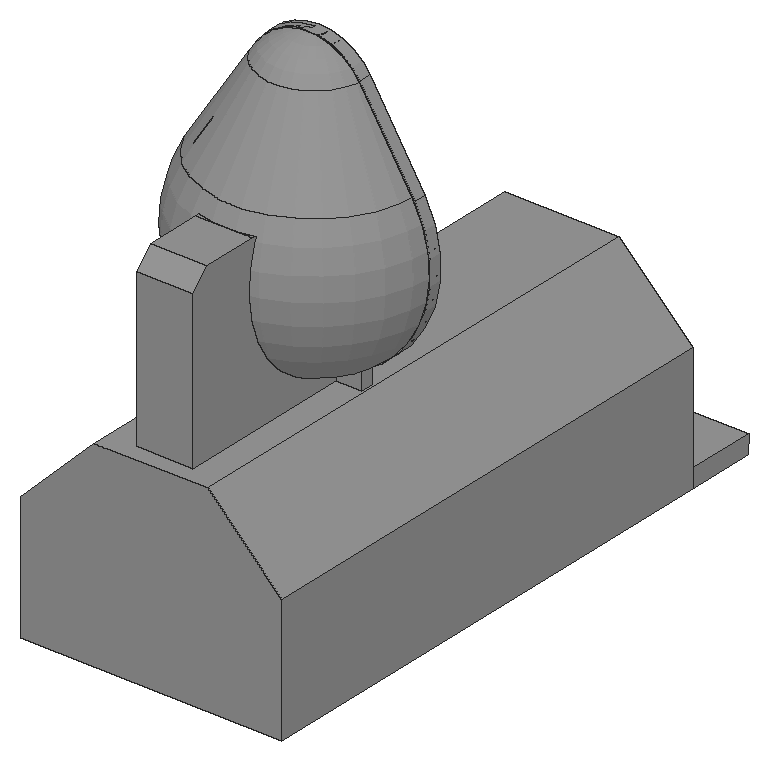
Revit family "Combination-Willoughby-ECW-1546-C-OF", category Plumbing Fixtures, Revit 2015
Parameters (values of type "Standard")
  Waste DIA = 2 3/8"
  Waste Connection = yes
  Vent Connection = no
  URL = "https://www.willoughby-ind.com/wp-content/uploads/2017/05/1546.pdf"
  Revision = "A"
  Model = "ECW-1546-C-OF"
  Manufacturer = "Willoughby Industries"
  Lav Waste DIA = 1 1/2"
  Lav Waste Connection = yes
  HW Connection = no
  Flush Inlet DIA = 1 1/2"
  Flush Inlet Connection = yes
  Fixture Body = Stainless Steel AISI 304-Willoughby
  Description = "1546 Combination Unit, Wall toilet waste outlet, Center toilet, On Floor mounted"
  Default Elevation = 0' - 0"
  Contact = "(800) 428-4065"
  CW Connection = no
Reference planes (in)
  plane 1 "Center (Front/Back)": y = 0
  plane 2: z = 0
  plane 3 "Center (Left/Right)": x = 0
  plane 4: x = -7.5
  plane 5: x = 7.5
  plane 6 "Floor Level": y = -20
  plane 7: y = 12.5
  plane 8: z = 11.49245
  plane 9: z = 6.5
  plane 10: y = 16.5
  plane 11: through (4.45954, 0, 8.54046) normal (0.7071, 0, -0.7071)
  plane 12: through (7.5, 0, 7.25) normal (0.7071, 0, -0.7071)
  plane 13: through (3.25, 0, 11.5) normal (0.7071, 0, -0.7071)
  plane 14: x = -1
  plane 15: x = -4.875
  plane 16 "Lav. Waste": y = 4.25
  plane 17 "Waste": y = -8.5
  plane 18 "Flush Inlet": y = 0.5
  plane 19: y = -5
  plane 20: through (-5.375, 0, 9.375) normal (0.7071, 0, 0.7071)
  plane 21 "Off Floor Level": y = -17
  plane 22: x = 4.875
  plane 23: z = 22.43447
  plane 24: z = 27.30947
  plane 25: x = 3
  plane 26: x = -3
  plane 27: x = 3.09375
  plane 28: x = -3.09375
  plane 29: z = -3
Forms (in)
  Extrusion 1, solid, material "Stainless Steel AISI 304-Willoughby" <- "Fixture Body"
    sketch origin (0, 0, 0) x (1, 0, 0) y (0, 0, 1)
      loop
        line (7.5, 7.25) -> (3.25755, 11.49245) -> (-3.25755, 11.49245) -> (-7.5, 7.25) -> (-7.5, 0) -> (7.5, 0) -> (7.5, 7.25)
    from -12.5 to 17
  Extrusion 2, solid, material "Stainless Steel AISI 304-Willoughby" <- "Fixture Body"
    sketch origin (0, 0, 0) x (0, 1, 0) y (0, 0, 1)
      loop
        line (12.5, 0) -> (16.5, 0) -> (16.5, 1.0625) -> (12.5, 1.0625) -> (12.5, 0)
    from 7.5 to -7.5
  Extrusion 3, void
    sketch origin (0, 19, 0) x (1, 0, 0) y (0, 0, 1)
      loop
        line (6.02576, 6.97424) -> (2.89332, 10.10668)
        arc (2.89332, 10.10668) -> (2.45766, 10.39778) -> (1.94376, 10.5) r 1.34289
        line (1.94376, 10.5) -> (0, 10.5) -> (-1.94376, 10.5)
        arc (-1.94376, 10.5) -> (-2.45766, 10.39778) -> (-2.89332, 10.10668) r 1.34289
        line (-2.89332, 10.10668) -> (-6.02576, 6.97424)
        arc (-6.02576, 6.97424) -> (-6.41304, 6.18891) -> (-6.24222, 5.33011) r 1.36204
        line (-6.24222, 5.33011) -> (-4.64434, 2.5625)
        arc (-4.64434, 2.5625) -> (-4.46132, 2.37949) -> (-4.21132, 2.3125) r 0.5
        line (-4.21132, 2.3125) -> (0, 2.3125) -> (4.21132, 2.3125)
        arc (4.21132, 2.3125) -> (4.46132, 2.37949) -> (4.64434, 2.5625) r 0.5
        line (4.64434, 2.5625) -> (6.24222, 5.33011)
        arc (6.24222, 5.33011) -> (6.41304, 6.18891) -> (6.02576, 6.97424) r 1.36204
    from 6.5 to 12.5
  Revolve 4, solid, material "Stainless Steel AISI 304-Willoughby" <- "Fixture Body"
    sketch origin (0, 4.25, -12) x (0, 0, -1) y (-1, 0, 0)
      loop
        line (-12, 0) -> (-14, 0) -> (-14, -0.75) -> (-8.99191, -0.75) -> (-8.99191, 0) -> (-12, 0)
      axis (-14, 0) -> (-8.99191, 0)
    angle from 0 to 360
  Revolve 5, solid, material "Stainless Steel AISI 304-Willoughby" <- "Fixture Body"
    sketch origin (1, -8.5, -8.33076) x (0, 0, -1) y (-1, 0, 0)
      loop
        line (-10.39326, 1) -> (-5.32267, 1) -> (-5.32267, 2.25) -> (-10.39326, 2.25) -> (-10.39326, 1)
      axis (-10.39326, 1) -> (-5.32267, 1)
    angle from 0 to 360
  Revolve 6, solid, material "Stainless Steel AISI 304-Willoughby" <- "Fixture Body"
    sketch origin (9.75, 0.5, -8.33076) x (0, 0, -1) y (-1, 0, 0)
      loop
        line (-8.31189, 4.875) -> (-8.31189, 5.625) -> (-9.82647, 5.625) -> (-9.82647, 4.875) -> (-8.31189, 4.875)
      axis (-9.82647, 4.875) -> (-8.31189, 4.875)
    angle from 0 to 360
  Revolve 7, solid, material "Stainless Steel AISI 304-Willoughby" <- "Fixture Body"
    sketch origin (0, -5.25, 6.17573) x (0, 0, -1) y (-1, 0, 0)
      loop
        arc (-16.25875, -6.02566) -> (-9.22764, -6.08019) -> (-5.69625, 0) r 7
        line (-5.69625, 0) -> (-6.19625, 0)
        arc (-6.19625, 0) -> (-9.4731, -5.64458) -> (-15.99973, -5.59794) r 6.5
        line (-15.99973, -5.59794) -> (-20.8721, -2.57392)
        arc (-20.8721, -2.57392) -> (-21.91777, -1.47245) -> (-22.28998, 0) r 3
        line (-22.28998, 0) -> (-22.79, 0)
        arc (-22.79, 0) -> (-22.35472, -1.71553) -> (-21.13577, -2.99875) r 3.5
        line (-21.13577, -2.99875) -> (-16.25875, -6.02566)
      axis (-22.79, 0) -> (-5.69625, 0)
    angle from 0 to 180
  Extrusion 8, solid, material "Stainless Steel AISI 304-Willoughby" <- "Fixture Body"
    sketch origin (0.03125, -5.25, 7.09171) x (0, 0, -1) y (-1, 0, 0)
      loop
        arc (-15.18135, -6.11221) -> (-9.67655, -6.67673) -> (-5.48622, -3.0625) r 6.99024
        line (-5.48622, -3.0625) -> (-4.40074, -3.0625) -> (-4.40074, 3.125) -> (-5.51723, 3.125)
        arc (-5.51723, 3.125) -> (-9.78093, 6.70838) -> (-15.30934, 6.03277) r 6.98205
        line (-15.30934, 6.03277) -> (-20.27928, 2.94819)
        arc (-20.27928, 2.94819) -> (-21.87415, 0) -> (-20.27928, -2.94819) r 3.52237
        line (-20.27928, -2.94819) -> (-15.18135, -6.11221)
      loop
        line (-19.21364, -1.63051) -> (-13.91892, -3.88749)
        arc (-13.91892, -3.88749) -> (-7.02058, 0) -> (-13.91892, 3.88749) r 4.54455
        line (-13.91892, 3.88749) -> (-19.21364, 1.63051)
        arc (-19.21364, 1.63051) -> (-20.09382, 0) -> (-19.21364, -1.63051) r 1.95034
    from 0.25 to -0.5
  Extrusion 9, solid, material "Stainless Steel AISI 304-Willoughby" <- "Fixture Body"
    sketch origin (0, -5, 10.36138) x (0, 1, 0) y (0, 0, 1)
      loop
        line (-6.74564, 11.11058) -> (-9.99564, 11.11058) -> (-11, 10.10622) -> (-11, 1.13108) -> (-0.75, 1.13108) -> (-0.75, 1.86803)
        arc (-0.75, 1.86803) -> (-5.87123, 5.08059) -> (-6.30349, 11.11058) r 6.68108
        line (-6.30349, 11.11058) -> (-6.74564, 11.11058)
    from 1.625 to -1.625
Cuts and joins
  Extrusion 3 cuts Extrusion 1
Lines and regions (in)
  symbolic lines, style "PlumbingFixtures"
    curve 1: line (6.02566, -5, 23.56555) -> (2.99522, -5, 28.48042)
    curve 2: arc (2.99522, -5, 28.48042) -> (-0.00478, -5, 30.13944) -> (-3.00478, -5, 28.48042) r 3.54196
    curve 3: line (-3.00478, -5, 28.48042) -> (-6.00282, -5, 23.61167)
    curve 4: arc (-6.00282, -5, 23.61167) -> (-6.72111, -5, 18.03703) -> (-3.08636, -5, 13.7497) r 6.95963
    curve 5: line (-3.08636, -5, 13.7497) -> (-3.08636, -5, 11.49245)
    curve 6: line (3.09375, -5, 11.49245) -> (3.09375, -5, 13.70905)
    curve 7: arc (3.09375, -5, 13.70905) -> (6.70928, -5, 17.99789) -> (6.02566, -5, 23.56555) r 7.01537
  symbolic lines
    curve 8: line (7.5, 0, 0) -> (7.5, 0, 7.25)
    curve 9: line (7.5, 0, 7.25) -> (3.25, 0, 11.5)
    curve 10: line (3.25, 0, 11.5) -> (-3.25, 0, 11.5)
    curve 11: line (-3.25, 0, 11.5) -> (-7.5, 0, 7.25)
    curve 12: line (-7.5, 0, 7.25) -> (-7.5, 0, 0)
    curve 13: line (-7.5, 0, 0) -> (7.5, 0, 0)
    curve 32: line (-7.5, 16.5, 0) -> (7.5, 16.5, 0)
    curve 33: line (7.5, 16.5, 0) -> (7.5, -17, 0)
    curve 34: line (7.5, -17, 0) -> (-7.5, -17, 0)
    curve 35: line (-7.5, -17, 0) -> (-7.5, 16.5, 0)
    curve 36: line (-7.5, 12.5, 0) -> (7.5, 12.5, 0)
    curve 37: line (-1.625, -16, 0) -> (1.625, -16, 0)
    curve 38: line (1.625, -16, 0) -> (1.625, -12.05103, 0)
    curve 39: line (-6.96599, -5, 0) -> (7.0301, -5, 0)
    curve 40: line (7.0301, -5, 0) -> (7.0301, -5.75, 0)
    curve 41: line (-6.96599, -5, 0) -> (-6.96599, -5.75, 0)
    curve 42: arc (-6.96599, -5.75, 0) -> (-4.76894, -10.37695, 0) -> (0, -12.24589, 0) r 6.95706
    curve 43: arc (0, -12.24589, 0) -> (4.77937, -10.36624, 0) -> (7.0301, -5.75, 0) r 7.07879
    curve 44: line (-1.625, -16, 0) -> (-1.625, -12.05927, 0)
    curve 45: line (0, -17, 0) -> (0, 16.5, 0)
    curve 46: line (0, 16.5, 0) -> (0, 16.5, 1.0625)
    curve 47: line (0, 16.5, 1.0625) -> (0, 12.5, 1.0625)
    curve 48: line (0, 12.5, 1.0625) -> (0, 12.5, 11.5)
    curve 49: line (0, 12.5, 11.5) -> (0, -17, 11.5)
    curve 50: line (0, -17, 11.5) -> (0, -17, 0)
    curve 51: line (0, -11.74758, 22.60304) -> (0, -14.99564, 22.60304)
    curve 52: line (0, -14.99564, 22.60304) -> (0, -16, 21.59868)
    curve 53: line (0, -16, 21.59868) -> (0, -16, 11.5)
    curve 54: line (0, -5.75, 13) -> (0, -5.75, 11.5)
    curve 55: line (0, -5, 11.5) -> (0, -5, 30.09698)
    curve 56: line (0, -5, 30.09698) -> (0, -5.75, 30.09698)
    curve 57: line (0, -8.5, 28.09698) -> (0, -11.27566, 23.56555)
    curve 58: arc (0, -5.75, 30.09698) -> (0, -7.32376, 29.37028) -> (0, -8.5, 28.09698) r 4.44585
    curve 59: arc (0, -11.27566, 23.56555) -> (0, -11.44749, 16.74798) -> (0, -5.75, 13) r 7.02174
  symbolic lines, detail levels medium+fine
    curve 14: line (7.5, 0, 1.0625) -> (-7.5, 0, 1.0625)
  symbolic lines, detail levels fine
    curve 15: line (-4.21132, 0, 2.3125) -> (4.21132, 0, 2.3125)
    curve 16: line (4.64434, 0, 2.5625) -> (6.24222, 0, 5.33011)
    curve 17: line (6.02576, 0, 6.97424) -> (2.89332, 0, 10.10668)
    curve 18: line (1.94376, 0, 10.5) -> (-1.94376, 0, 10.5)
    curve 19: line (-2.89332, 0, 10.10668) -> (-6.02576, 0, 6.97424)
    curve 20: line (-6.24222, 0, 5.33011) -> (-4.64434, 0, 2.5625)
    curve 21: arc (6.24222, 0, 5.33011) -> (6.41304, 0, 6.18891) -> (6.02576, 0, 6.97424) r 1.36204
    curve 22: arc (2.89332, 0, 10.10668) -> (2.45766, 0, 10.39778) -> (1.94376, 0, 10.5) r 1.34289
    curve 23: arc (-1.94376, 0, 10.5) -> (-2.45766, 0, 10.39778) -> (-2.89332, 0, 10.10668) r 1.34289
    curve 24: arc (-6.02576, 0, 6.97424) -> (-6.41304, 0, 6.18891) -> (-6.24222, 0, 5.33011) r 1.36204
    curve 25: arc (-4.64434, 0, 2.5625) -> (-4.46132, 0, 2.37949) -> (-4.21132, 0, 2.3125) r 0.5
    curve 26: arc (4.21132, 0, 2.3125) -> (4.46132, 0, 2.37949) -> (4.64434, 0, 2.5625) r 0.5
    curve 27: line (3.91874, 0, 22.14175) -> (1.66176, 0, 27.43647)
    curve 28: arc (1.66176, 0, 27.43647) -> (0.95771, 0, 28.08255) -> (0.03125, 0, 28.31665) r 1.95034
    curve 29: arc (0.03125, 0, 28.31665) -> (-0.89521, 0, 28.08255) -> (-1.59926, 0, 27.43647) r 1.95034
    curve 30: line (-1.59926, 0, 27.43647) -> (-3.85624, 0, 22.14175)
    curve 31: arc (-3.85624, 0, 22.14175) -> (0.03125, 0, 15.24341) -> (3.91874, 0, 22.14175) r 4.54455
Dimensions and locks (in)
  plane 4 to plane 5 = 1' - 3"
  locked: plane 7 to plane 6 "Floor Level" at 32.5
  level to plane 8 = 0' - 11.49245"
  level to plane 9 = 0' - 6 1/2"
  plane 10 to plane 16 "Lav. Waste" = 1' - 0 1/4"
  plane 10 to plane 18 "Flush Inlet" = 1' - 4"
  plane 6 "Floor Level" to plane 17 "Waste" = 0' - 11 1/2"
  plane 6 "Floor Level" to plane 18 "Flush Inlet" = 1' - 8 1/2"
  plane 6 "Floor Level" to plane 16 "Lav. Waste" = 2' - 0 1/4"
  locked: plane 17 "Waste" to plane 6 "Floor Level" at 11.5
  locked: plane 18 "Flush Inlet" to plane 6 "Floor Level" at 20.5
  locked: plane 16 "Lav. Waste" to plane 6 "Floor Level" at 24.25
  plane 10 to plane 6 "Floor Level" = 3' - 0 1/2"
  plane 6 "Floor Level" to plane 10 = 3' - 0 1/2"
  plane 6 "Floor Level" to plane 19 = 1' - 3"
  plane 8 to level = 0' - 11.49245"
  locked: plane 4 to plane 3 "Center (Left/Right)" at 7.5
  plane 4 to plane 15 = 0' - 2 5/8"
  plane 19 to plane 6 "Floor Level" = 1' - 3"
  plane 22 to plane 5 = 0' - 2 5/8"
  plane 4 to plane 3 "Center (Left/Right)" = 0' - 7 1/2"
  plane 25 to plane 26 = 0' - 6"
  aligned and locked: Extrusion 2 to plane 5
  aligned and locked: plane 4 to Extrusion 2
  aligned and locked: Extrusion 8 to Extrusion 9
  aligned and locked: plane 4 to Extrusion 1
  aligned and locked: Extrusion 1 to plane 5
  aligned and locked: Extrusion 1 to Extrusion 2
  aligned and locked: Extrusion 1 to Extrusion 8
  aligned and locked: Revolve 4 sketch curve to Revolve 5
Connectors (in)
  piping at (0, 4.25, -3.00809), diameter 1.5, driven by "Lav Waste DIA", driven by "Lav Waste Connection"
    settings: on Revolve 4, index 1, connector inside diameter 24", connector length 0' - 0", flow factor 0, pipe flow 0 GPM, pressure drop 0.00 psi, fitting loss kfactor 0, connector angle 0.00°, fixture units 0, engagement length 0' - 0", angle of deflection 0.00°, flow configuration 0, flow direction 2, fitting loss method 0, system type 16, joint type 0, gender type 0, connector reference index -1, connector utility 1, adjustable connector no, is connector primary yes, connector description "Sink Drain"
  piping at (4.875, 0.5, -0.01887), diameter 1.5, driven by "Flush Inlet DIA", driven by "Flush Inlet Connection"
    settings: on Revolve 6, index 2, connector inside diameter 24", connector length 0' - 0", flow factor 0, pipe flow 0 GPM, pressure drop 0.00 psi, fitting loss kfactor 0, connector angle 0.00°, fixture units 0, engagement length 0' - 0", angle of deflection 0.00°, flow configuration 0, flow direction 1, fitting loss method 0, system type 20, joint type 0, gender type 0, connector reference index -1, connector utility 1, adjustable connector no, is connector primary no, connector description "Flush inlet"
  piping at (0, -8.5, -3.00809), diameter 2.375, driven by "Waste Connection", driven by "Waste DIA"
    settings: on Revolve 5, index 3, connector inside diameter 24", connector length 0' - 0", flow factor 0, pipe flow 0 GPM, pressure drop 0.00 psi, fitting loss kfactor 0, connector angle 0.00°, fixture units 0, engagement length 0' - 0", angle of deflection 0.00°, flow configuration 0, flow direction 2, fitting loss method 0, system type 16, joint type 0, gender type 0, connector reference index -1, connector utility 1, adjustable connector no, is connector primary no, connector description "Toilet Waste"
